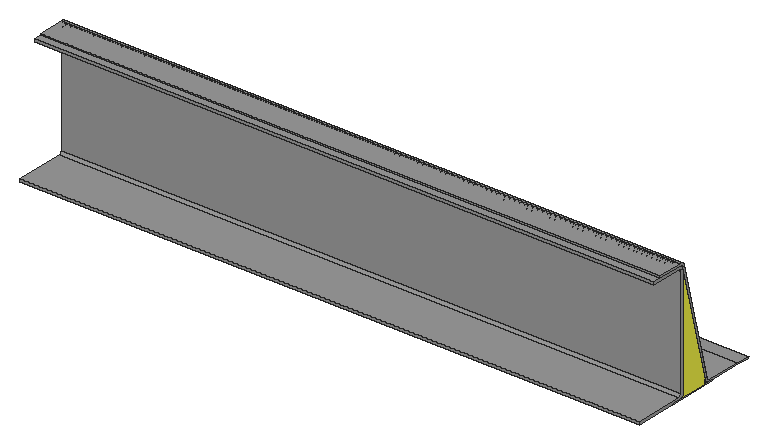
Revit family "XCFS K 70", category Generic Models, Revit 2014
Parameters (values of type "Max lintel length 4800mm")
  URL = "http://www.keystonelintels.co.uk"
  Structural Opening [instance] = 900 mm
  Structural Performance = "The Keystone lintel range has safe working loads as detailed in each applicable loading table in the Keystone Lintel Guide brochure. The structural performance figures within each table have been ascertained by testing in accordance with the requirements of standards BS EN 5977-2: 1983 and BS EN 845-2: 2003."
  RIBA Productor Selector = "available for Keystone Lintels Ltd from Keystone Lintels Ltd from ribaproductselector.com"
  Model = "XCFS/K 70"
  Min Length = 600 mm
  Min Clear Span = 300 mm
  Max Length = 4800 mm
  Max Clear Span = 4800 mm
  Material - Stainless Steel = "Grade 304 2b 1.4307 to BS EN 10088-2. Other grades available on request: contact manufacturer."
  Material - Galvanised Steel = "To BS EN 10346: 2009. DX51D plus Z600 or grade Z275 to BS 5977-2: 1983 (BS EN 845-2: 2003)."
  Manufacturer = "Keystone"
  Manufactured Length [instance] = (roundup(Effective Length / 150 mm) * 150 mm)  # 1200 mm
  Lintel height [instance] = 2100 mm
  Keynote = "F30/755"
  Fire Performance = "Keystone lintels have been subjected to a fire test (WARRES No. 101263) in accordance with BS 476-20: 1987, at Exova Warrington Fire and achieved a one hour fire performance."
  End Bearing = 150 mm
  Effective Length [instance] = Clear Opening with MIN MAX set + End Bearing * 2  # 1200 mm
  Corrosion = "Keystone’s standard range of lintels are manufactured from high quality grade pre-galvanized carbon steel with a zinc coating of 600"
  Contact Tel = "+44 (0)28 8676 2184"
  Contact Email = "info@keystonelintels.co.uk"
  Clear Opening with MIN MAX set [instance] = if(Structural Opening < Min Clear Span, Min Clear Span, (if(Structural Opening > Max Clear Span, Max Clear Span, Structural Opening)))  # 900 mm
  CPD Information = "Available for Keystone Lintels Ltd from ribacpd.com"
Reference planes
  plane 1 "Center (Front/Back)": y = 0
  plane 2: z = 0
  plane 3 "Center (Left/Right)": x = 0
  plane 4: x = -600
  plane 5: x = 600
  plane 6: z = 2100
  plane 7: x = -450
  plane 8: x = 450
Forms (mm)
  Extrusion 1, solid, material "Steel"
    sketch origin (0, 715.953, -493.091) x (0, 1, 0) y (0, 0, 1)
      loop
        line (-610.524, 2593.091) -> (-585.579, 2592.223) -> (-585.468, 2595.421) -> (-610.468, 2596.291) -> (-680.297, 2596.291)
        arc (-680.297, 2596.291) -> (-683.41, 2597.379) -> (-685.169, 2600.169) r 5
        line (-685.169, 2600.169) -> (-740.513, 2822.031)
        arc (-740.513, 2822.031) -> (-743.398, 2826.607) -> (-748.504, 2828.391) r 8.2
        line (-748.504, 2828.391) -> (-798.784, 2828.391) -> (-798.784, 2825.191) -> (-748.504, 2825.191)
        arc (-748.504, 2825.191) -> (-745.381, 2824.095) -> (-743.626, 2821.288) r 5
        line (-743.626, 2821.288) -> (-688.28, 2599.419)
        arc (-688.28, 2599.419) -> (-685.39, 2594.865) -> (-680.297, 2593.091) r 8.2
        line (-680.297, 2593.091) -> (-610.524, 2593.091)
    from -600 to 600
  Extrusion 2, solid, material "Steel"
    sketch origin (0, 715.953, -493.091) x (0, 1, 0) y (0, 0, 1)
      loop
        arc (-753.504, 2593.091) -> (-746.433, 2596.02) -> (-743.504, 2603.091) r 10
        line (-743.504, 2603.091) -> (-743.504, 2815.191)
        arc (-743.504, 2815.191) -> (-746.433, 2822.262) -> (-753.504, 2825.191) r 10
        line (-753.504, 2825.191) -> (-813.504, 2825.191) -> (-813.504, 2820.191) -> (-753.504, 2820.191)
        arc (-753.504, 2820.191) -> (-749.969, 2818.727) -> (-748.504, 2815.191) r 5
        line (-748.504, 2815.191) -> (-748.504, 2603.091)
        arc (-748.504, 2603.091) -> (-749.969, 2599.556) -> (-753.504, 2598.091) r 5
        line (-753.504, 2598.091) -> (-848.504, 2598.091) -> (-848.504, 2593.091) -> (-753.504, 2593.091)
    from -600 to 600
  Extrusion 3, solid, material "Steel"
    sketch origin (0, 715.953, -493.091) x (0, 1, 0) y (0, 0, 1)
      loop
        line (-768.034, 2592.091) -> (-673.034, 2592.091) -> (-673.034, 2593.091) -> (-690.034, 2593.091) -> (-690.034, 2601.091) -> (-691.034, 2601.091) -> (-691.034, 2593.091) -> (-768.034, 2593.091) -> (-768.034, 2592.091)
    from -600 to 600
  Extrusion 4, solid, material "Insulation"
    sketch origin (0, 715.953, -493.091) x (0, 1, 0) y (0, 0, 1)
      loop
        line (-691.034, 2593.091) -> (-691.034, 2601.091) -> (-690.034, 2601.091) -> (-690.034, 2593.091) -> (-680.297, 2593.091)
        arc (-680.297, 2593.091) -> (-685.39, 2594.865) -> (-688.28, 2599.419) r 8.2
        line (-688.28, 2599.419) -> (-743.626, 2821.288)
        arc (-743.626, 2821.288) -> (-745.381, 2824.095) -> (-748.504, 2825.191) r 5
        line (-748.504, 2825.191) -> (-753.504, 2825.191)
        arc (-753.504, 2825.191) -> (-746.433, 2822.262) -> (-743.504, 2815.191) r 10
        line (-743.504, 2815.191) -> (-743.504, 2603.091)
        arc (-743.504, 2603.091) -> (-746.433, 2596.02) -> (-753.504, 2593.091) r 10
        line (-753.504, 2593.091) -> (-691.034, 2593.091)
    from -600 to 600
  Extrusion 5, solid, not visible
    sketch origin (0, 886.445, 1231.583) x (0, 1, 0) y (0, 0, 1)
      loop
        line (-610.524, 993.091) -> (-585.579, 992.223) -> (-585.468, 995.421) -> (-610.468, 996.291) -> (-680.297, 996.291)
        arc (-680.297, 996.291) -> (-683.41, 997.379) -> (-685.169, 1000.169) r 5
        line (-685.169, 1000.169) -> (-740.513, 1222.031)
        arc (-740.513, 1222.031) -> (-743.398, 1226.607) -> (-748.504, 1228.391) r 8.2
        line (-748.504, 1228.391) -> (-798.784, 1228.391) -> (-798.784, 1225.191) -> (-748.504, 1225.191)
        arc (-748.504, 1225.191) -> (-745.381, 1224.095) -> (-743.626, 1221.288) r 5
        line (-743.626, 1221.288) -> (-688.28, 999.419)
        arc (-688.28, 999.419) -> (-685.39, 994.865) -> (-680.297, 993.091) r 8.2
        line (-680.297, 993.091) -> (-610.524, 993.091)
    from 0 to 250
  Extrusion 6, solid, not visible
    sketch origin (0, 598.495, 1199.817) x (0, 1, 0) y (0, 0, 1)
      loop
        arc (-753.504, 993.091) -> (-746.433, 996.02) -> (-743.504, 1003.091) r 10
        line (-743.504, 1003.091) -> (-743.504, 1215.191)
        arc (-743.504, 1215.191) -> (-746.433, 1222.262) -> (-753.504, 1225.191) r 10
        line (-753.504, 1225.191) -> (-813.504, 1225.191) -> (-813.504, 1220.191) -> (-753.504, 1220.191)
        arc (-753.504, 1220.191) -> (-749.969, 1218.727) -> (-748.504, 1215.191) r 5
        line (-748.504, 1215.191) -> (-748.504, 1003.091)
        arc (-748.504, 1003.091) -> (-749.969, 999.556) -> (-753.504, 998.091) r 5
        line (-753.504, 998.091) -> (-848.504, 998.091) -> (-848.504, 993.091) -> (-753.504, 993.091)
    from 0 to 250
  Extrusion 7, solid, not visible
    sketch origin (0, 882.083, 1014.04) x (0, 1, 0) y (0, 0, 1)
      loop
        line (-768.034, 992.091) -> (-673.034, 992.091) -> (-673.034, 993.091) -> (-690.034, 993.091) -> (-690.034, 1001.091) -> (-691.034, 1001.091) -> (-691.034, 993.091) -> (-768.034, 993.091) -> (-768.034, 992.091)
    from 0 to 250
  Extrusion 8, solid, not visible
    sketch origin (0, 540.153, 754.24) x (0, 1, 0) y (0, 0, 1)
      loop
        line (-691.034, 993.091) -> (-691.034, 1001.091) -> (-690.034, 1001.091) -> (-690.034, 993.091) -> (-680.297, 993.091)
        arc (-680.297, 993.091) -> (-685.39, 994.865) -> (-688.28, 999.419) r 8.2
        line (-688.28, 999.419) -> (-743.626, 1221.288)
        arc (-743.626, 1221.288) -> (-745.381, 1224.095) -> (-748.504, 1225.191) r 5
        line (-748.504, 1225.191) -> (-753.504, 1225.191)
        arc (-753.504, 1225.191) -> (-746.433, 1222.262) -> (-743.504, 1215.191) r 10
        line (-743.504, 1215.191) -> (-743.504, 1003.091)
        arc (-743.504, 1003.091) -> (-746.433, 996.02) -> (-753.504, 993.091) r 10
        line (-753.504, 993.091) -> (-691.034, 993.091)
    from 0 to 250
Dimensions and locks
  equal spacing: plane 4, plane 3 "Center (Left/Right)", plane 5
  "Manufactured Length": plane 4 to plane 5
  "Lintel height": plane 6 to level
  "Structural Opening": plane 7 to plane 8
  equal spacing: plane 7, plane 3 "Center (Left/Right)", plane 8
  aligned and locked: level to plane 2
  aligned and locked: Extrusion 1 to plane 6
  aligned and locked: Extrusion 4 to plane 6
  aligned and locked: plane 6 to Extrusion 3
  aligned and locked: Extrusion 2 to plane 6
  aligned and locked: plane 5 to Extrusion 2
  aligned and locked: Extrusion 2 to plane 4
  aligned and locked: plane 5 to Extrusion 1
  aligned and locked: Extrusion 1 to plane 4
  aligned and locked: plane 5 to Extrusion 3
  aligned and locked: Extrusion 3 to plane 4
  aligned and locked: plane 5 to Extrusion 4
  aligned and locked: Extrusion 4 to plane 4
Automatic sketch dimensions
  Extrusion 1 sketch curve to Extrusion 1 sketch curve = 24.944 mm
  Extrusion 1 sketch curve to Extrusion 1 sketch curve = 0.111 mm
  Extrusion 1 sketch curve to Extrusion 1 sketch curve = 0.868 mm
  Extrusion 1 sketch curve to Extrusion 1 sketch curve = 0.056 mm
  Extrusion 1 sketch curve to Extrusion 1 sketch curve = 69.773 mm
  Extrusion 1 sketch curve to Extrusion 1 sketch curve = 0 mm  (x8)
  Extrusion 1 sketch curve to Extrusion 1 sketch curve = 5 mm
  Extrusion 1 sketch curve to Extrusion 1 sketch curve = 7.984 mm
  Extrusion 1 sketch curve to Extrusion 1 sketch curve = 3.111 mm
  Extrusion 1 sketch curve to Extrusion 1 sketch curve = 52.233 mm
  Extrusion 1 sketch curve to Extrusion 1 sketch curve = 222.612 mm
  Extrusion 1 sketch curve to Extrusion 1 sketch curve = 3.113 mm
  Extrusion 1 sketch curve to Extrusion 1 sketch curve = 0.743 mm
  Extrusion 1 sketch curve to Extrusion 1 sketch curve = 4.878 mm
  Extrusion 1 sketch curve to Extrusion 1 sketch curve = 1.097 mm
  Extrusion 1 sketch curve to Extrusion 1 sketch curve = 50.28 mm
  Extrusion 2 sketch curve to Extrusion 2 sketch curve = 95 mm
  Extrusion 2 sketch curve to Extrusion 2 sketch curve = 5 mm  (x3)
  Extrusion 2 sketch curve to Extrusion 2 sketch curve = 0 mm  (x8)
  Extrusion 2 sketch curve to Extrusion 2 sketch curve = 212.1 mm
  Extrusion 2 sketch curve to Extrusion 2 sketch curve = 60 mm
  Extrusion 3 sketch curve to Extrusion 3 sketch curve = 95 mm
  Extrusion 3 sketch curve to Extrusion 3 sketch curve = 1 mm  (x2)
  Extrusion 3 sketch curve to Extrusion 3 sketch curve = 17 mm
  Extrusion 3 sketch curve to Extrusion 3 sketch curve = 8 mm
  Extrusion 3 sketch curve to Extrusion 3 sketch curve = 0 mm
  Extrusion 4 sketch curve to Extrusion 4 sketch curve = 62.471 mm
  Extrusion 4 sketch curve to Extrusion 4 sketch curve = 8 mm
  Extrusion 4 sketch curve to Extrusion 4 sketch curve = 1 mm
  Extrusion 4 sketch curve to Extrusion 4 sketch curve = 0 mm  (x3)
  Extrusion 4 sketch curve to Extrusion 4 sketch curve = 9.737 mm  (x2)
  Extrusion 4 sketch curve to Extrusion 4 sketch curve = 8.2 mm
  Extrusion 4 sketch curve to Extrusion 4 sketch curve = 1.753 mm
  Extrusion 4 sketch curve to Extrusion 4 sketch curve = 52.592 mm
  Extrusion 4 sketch curve to Extrusion 4 sketch curve = 220.197 mm
  Extrusion 4 sketch curve to Extrusion 4 sketch curve = 10 mm  (x2)
  Extrusion 4 sketch curve to Extrusion 4 sketch curve = 6.097 mm
  Extrusion 4 sketch curve to Extrusion 4 sketch curve = 4.878 mm
  Extrusion 4 sketch curve to Extrusion 4 sketch curve = 1.097 mm
  Extrusion 4 sketch curve to Extrusion 4 sketch curve = 5 mm
  Extrusion 4 sketch curve to Extrusion 4 sketch curve = 1.672 mm
  Extrusion 5 sketch curve to Extrusion 5 sketch curve = 24.944 mm
  Extrusion 5 sketch curve to Extrusion 5 sketch curve = 0.111 mm
  Extrusion 5 sketch curve to Extrusion 5 sketch curve = 0.868 mm
  Extrusion 5 sketch curve to Extrusion 5 sketch curve = 0.056 mm
  Extrusion 5 sketch curve to Extrusion 5 sketch curve = 69.773 mm
  Extrusion 5 sketch curve to Extrusion 5 sketch curve = 0 mm  (x8)
  Extrusion 5 sketch curve to Extrusion 5 sketch curve = 5 mm
  Extrusion 5 sketch curve to Extrusion 5 sketch curve = 7.984 mm
  Extrusion 5 sketch curve to Extrusion 5 sketch curve = 3.111 mm
  Extrusion 5 sketch curve to Extrusion 5 sketch curve = 52.233 mm
  Extrusion 5 sketch curve to Extrusion 5 sketch curve = 222.612 mm
  Extrusion 5 sketch curve to Extrusion 5 sketch curve = 3.113 mm
  Extrusion 5 sketch curve to Extrusion 5 sketch curve = 0.743 mm
  Extrusion 5 sketch curve to Extrusion 5 sketch curve = 4.878 mm
  Extrusion 5 sketch curve to Extrusion 5 sketch curve = 1.097 mm
  Extrusion 5 sketch curve to Extrusion 5 sketch curve = 50.28 mm
  Extrusion 6 sketch curve to Extrusion 6 sketch curve = 95 mm
  Extrusion 6 sketch curve to Extrusion 6 sketch curve = 5 mm  (x3)
  Extrusion 6 sketch curve to Extrusion 6 sketch curve = 0 mm  (x8)
  Extrusion 6 sketch curve to Extrusion 6 sketch curve = 212.1 mm
  Extrusion 6 sketch curve to Extrusion 6 sketch curve = 60 mm
  Extrusion 7 sketch curve to Extrusion 7 sketch curve = 95 mm
  Extrusion 7 sketch curve to Extrusion 7 sketch curve = 1 mm  (x2)
  Extrusion 7 sketch curve to Extrusion 7 sketch curve = 17 mm
  Extrusion 7 sketch curve to Extrusion 7 sketch curve = 8 mm
  Extrusion 7 sketch curve to Extrusion 7 sketch curve = 0 mm
  Extrusion 8 sketch curve to Extrusion 8 sketch curve = 62.471 mm
  Extrusion 8 sketch curve to Extrusion 8 sketch curve = 8 mm
  Extrusion 8 sketch curve to Extrusion 8 sketch curve = 1 mm
  Extrusion 8 sketch curve to Extrusion 8 sketch curve = 0 mm  (x3)
  Extrusion 8 sketch curve to Extrusion 8 sketch curve = 9.737 mm  (x2)
  Extrusion 8 sketch curve to Extrusion 8 sketch curve = 8.2 mm
  Extrusion 8 sketch curve to Extrusion 8 sketch curve = 1.753 mm
  Extrusion 8 sketch curve to Extrusion 8 sketch curve = 52.592 mm
  Extrusion 8 sketch curve to Extrusion 8 sketch curve = 220.197 mm
  Extrusion 8 sketch curve to Extrusion 8 sketch curve = 10 mm  (x2)
  Extrusion 8 sketch curve to Extrusion 8 sketch curve = 6.097 mm
  Extrusion 8 sketch curve to Extrusion 8 sketch curve = 4.878 mm
  Extrusion 8 sketch curve to Extrusion 8 sketch curve = 1.097 mm
  Extrusion 8 sketch curve to Extrusion 8 sketch curve = 5 mm
  Extrusion 8 sketch curve to Extrusion 8 sketch curve = 1.672 mm
  Extrusion 4 sketch curve to plane 6 = 0 mm
  plane 1 "Center (Front/Back)" to Extrusion 4 sketch curve = 37.551 mm
  Extrusion 2 sketch curve to plane 6 = 0 mm
  plane 1 "Center (Front/Back)" to Extrusion 2 sketch curve = 132.551 mm
  Extrusion 3 sketch curve to plane 6 = 0 mm
  plane 1 "Center (Front/Back)" to Extrusion 3 sketch curve = 52.081 mm
  Extrusion 1 sketch curve to plane 6 = 0 mm
  plane 1 "Center (Front/Back)" to Extrusion 1 sketch curve = 82.831 mm
